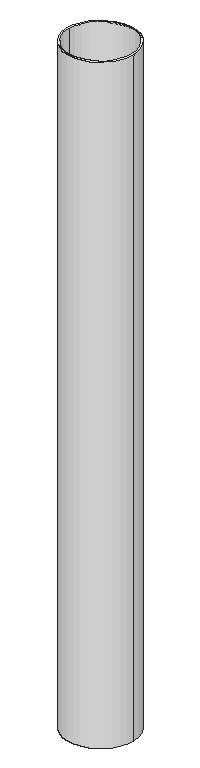
Revit family
Parameters (values of type "UP273.1x6.4")
  Column Material [instance] = Metal - Steel - 345 MPa
  Assembly Code = ""
  A = 0.005 m²
  W = 0.41286
  OD = 273.1 mm
  t = 6.4 mm
Reference planes
  plane 1 "Center (Front/Back)": y = 0
  plane 2: z = 0
  plane 3 "Center (Left/Right)": x = 0
  plane 4: x = -136.55
  plane 5: x = 136.55
  plane 6: y = 136.55
  plane 7: y = -136.55
  plane 8: x = -130.15
  plane 9: x = 130.15
Forms (mm)
  Extrusion 1, solid, material "Metal - Steel - 345 MPa" <- "Column Material", detail levels medium+fine
    sketch origin (0, 0, 0) x (1, 0, 0) y (0, 1, 0)
      loop
        circle (0, 0) r 136.55
      loop
        circle (0, 0) r 130.15
    from 0 to 2500
Lines and regions (mm)
  symbolic lines, style "StructuralColumnStickSymbols", detail levels coarse
    curve 1: arc (-136.55, 0, 0) -> (0, -136.55, 0) -> (136.55, 0, 0) r 136.55
    curve 2: arc (136.55, 0, 0) -> (0, 136.55, 0) -> (-136.55, 0, 0) r 136.55
Dimensions and locks
  equal spacing: plane 4, plane 3 "Center (Left/Right)", plane 5
  equal spacing: plane 7, plane 1 "Center (Front/Back)", plane 6
  "OD": plane 7 to plane 6
  "OD": plane 4 to plane 5
  "t": plane 4 to plane 8
  "t": plane 9 to plane 5
  aligned and locked: level to Extrusion 1
  aligned and locked: level to plane 2
  aligned and locked: Extrusion 1 to plane 2
  aligned and locked: curve 1 to Extrusion 1
Automatic sketch dimensions
  Extrusion 1 sketch curve to plane 1 "Center (Front/Back)" = 0 mm  (x2)
  Extrusion 1 sketch curve to plane 4 = 0 mm
  Extrusion 1 sketch curve to plane 8 = 0 mm
  Extrusion 1 sketch curve to plane 3 "Center (Left/Right)" = 0 mm  (x2)
